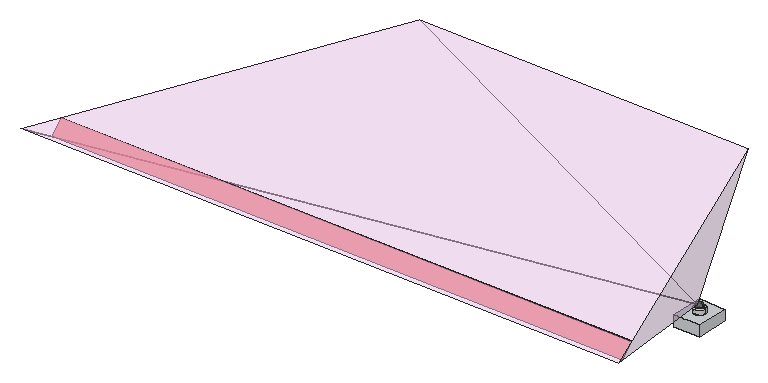
Revit family "Camera-Security-Panasonic-Super_Dynamic-H265_AI_Engine_Dome-Network-WV-S2136LSeriesX", category Security Devices, host Face, Revit 2019
Family settings
  Host = Face
  Maintain Annotation Orientation = No
  Round Connector Dimension = Use Diameter
  Part Type = Normal
  OmniClass Number = 23.85.10.14.11
  OmniClass Title = Cameras
  Cut with Voids When Loaded = No
  Shared = No
  Room Calculation Point = No
Parameters (values of type "WV-S2136L")
  z Zero = 0.000"  # constant formula
  z Yaw Actual [instance] = if(and(On Wall, not(On Ceiling)), Yaw Actual, Yaw Actual + 180.00°)  # 180.00°
  z VV Viewpoint Depth [instance] = (z VV Viewpoint Depth Max - z VV Viewpoint Depth Min) * z HFOV Ratio + z VV Viewpoint Depth Min  # 1.28346"
  z VV Viewpoint Depth Min = 1.28346"  # constant formula
  z VV Viewpoint Depth Max = 1.28346"  # constant formula
  z VV Origin Height Offset = 0.30315"  # constant formula
  z VV Origin Height [instance] = if(Has Ceiling Mount, 2.11811" + z VV Origin Height Offset - 2.00787", 2.11811" + z VV Origin Height Offset)  # 2.42126"
  z VV Face Radius = 4.62598"
  z Type = 2
  z Tilt Actual [instance] = Tilt Actual  # 45.00°
  z Pan Actual Safe [instance] = if(Pan Actual = -180.00°, 180.00°, Pan Actual)  # 0.00°
  z Pan Actual [instance] = Pan Actual  # 0.00°
  z Height [instance] = if(Has Ceiling Mount, 5.98425", 3.97638")  # 3.97638"
  z HFOV Ratio [instance] = (Horizontal FOV Actual - Horizontal FOV Min) / (Horizontal FOV Max - Horizontal FOV Min)  # 0.3038
  z Dome Radius [instance] = 1.5748"  # constant formula
  z Dome Material = Glass - Panasonic - Smoked
  z Dome Height Offset [instance] = if(Has Ceiling Mount, 0.19685", z Base Height + 0.28346")  # 2.40157"
  z Const Yaw Handle Length = 9.25197"  # constant formula
  z Const Yaw Base2 Length = 17.32283"  # constant formula
  z Const Yaw Base Length = 10.23622"  # constant formula
  z Const Tilt Handle Length = 11.81102"  # constant formula
  z Const Tilt Base2 Length = 19.68504"  # constant formula
  z Const Tilt Base Length = 9.84252"  # constant formula
  z Const Pan Handle Length = 19.48819"  # constant formula
  z Camera Type = 21362
  z Camera Resolution Type = 1
  z Base is Visible [instance] = not(Has Ceiling Mount)  # yes
  z Base Radius = (Diameter / 2)  # 2.54921"
  z Base Height = 2.11811"  # constant formula
  Yawing Range = "-100 to +100"  # constant formula
  Yaw Min = -100.00°  # constant formula
  Yaw Max = 100.00°  # constant formula
  Yaw Desired [instance] = 0.00°
  Yaw Actual [instance] = if(Yaw Desired > Yaw Max, Yaw Max, if(Yaw Desired < Yaw Min, Yaw Min, Yaw Desired))  # 0.00°
  Wide Dynamic Range = (1 = 1)  # yes
  Weight = 1.04 lbf  # constant formula
  Voltage [instance] = if(Power Supply Type is PoE, 48 V, 12 V)  # 48 V
  Vandal Resistant = (1 = 0)  # no
  VFOV Min 43 = 20.00°  # constant formula
  VFOV Min 169 = 20.00°  # constant formula
  Vertical FOV Min [instance] = if(and(Aspect Ratio 4_3, not(Aspect Ratio 16_9)), VFOV Min 43, VFOV Min 169)  # 20.00°
  VFOV Max 43 = 61.00°  # constant formula
  VFOV Max 169 = 61.00°  # constant formula
  Vertical FOV Max [instance] = if(and(Aspect Ratio 4_3, not(Aspect Ratio 16_9)), VFOV Max 43, VFOV Max 169)  # 61.00°
  Vertical FOV Actual [instance] = z HFOV Ratio * (Vertical FOV Max - Vertical FOV Min) + Vertical FOV Min  # 32.4557°
  URL = "http://security.panasonic.com/pss/security/"
  Tilting Range = "-30 to +85"  # constant formula
  Tilt Min = -30.00°  # constant formula
  Tilt Max = 85.00°  # constant formula
  Tilt Actual [instance] = if(Tilt Desired > Tilt Max, Tilt Max, if(Tilt Desired < Tilt Min, Tilt Min, Tilt Desired))  # 45.00°
  Tilt Desired [instance] = 45.00°
  Storage Temperature = Operational Temperature  # "-10 °C to +50 °C (14 °F to 122 °F)"
  Show View Volume [instance] = yes
  Resolution_HD [instance] = no
  Resolution_FullHD [instance] = yes
  Regulatory Compliance = "UL (UL60950-1), c-UL (CSA C22.2 No.60950-1), CE, IEC60950-1, FCC (Part15 ClassA), ICES003 ClassA, EN55032 ClassB, EN55035"  # constant formula
  Provide Feedback = "https://www.surveymonkey.com/s/95FL6QY"
  Product Page URL = "https://security.panasonic.com/products_technology/products/wv-s2136l/"
  Product Material = Paint - Panasonic -i-Pro White
  Product Documentation Link = "https://bizpartner.panasonic.net/public/ppr/product/11512?accordion_tab=96"
  Power Supply Type is PoE [instance] = yes
  Power Supply Type [instance] = if(Power Supply Type is PoE, "PoE", "DC")  # "PoE"
  Power Active [instance] = if(and(z Camera Type = 21361, Power Supply Type is PoE), 5.3 W, if(and(z Camera Type = 21361, not(Power Supply Type is PoE)), 4.9 W, if(and(z Camera Type = 21362, Power Supply Type is PoE), 8.7 W, if(and(z Camera Type = 21362, not(Power Supply Type is PoE)), 8.6 W, 0.0 W))))  # 8.7 W
  Part Number = Model  # "WV-S2136L"
  Part Description = Description  # "Security Camera, H.265 Fixed Dome, Network, Super Dynamic FullHD, AI Engine, WV-S2136L"
  Panning Range = "-240 to +120"  # constant formula
  Pan Min = -240.00°  # constant formula
  Pan Max = 120.00°  # constant formula
  Pan Desired [instance] = 0.00°
  Pan Actual [instance] = if(Pan Desired > Pan Max, Pan Max, if(Pan Desired < Pan Min, Pan Min, Pan Desired))  # 0.00°
  PPM Desired [instance] = 300
  PPM Actual [instance] = if(PPM Desired > 1, PPM Desired, 1)  # 300
  Original Creation Date = "2021/04/09"  # constant formula
  Operational Temperature = "-10 °C to +50 °C (14 °F to 122 °F)"  # constant formula
  Operational Humidity = "10 to 90 % (no condensation)"  # constant formula
  On Wall [instance] = no
  On Ceiling [instance] = yes
  Mounting Positions = "Surface Mount or Mount Dependent"  # constant formula
  Model Disclaimer = "Contact Panasonic for more information"  # constant formula
  Model = if(z Camera Type = 21361, "WV-S2136", "WV-S2136L")  # "WV-S2136L"
  Minimum Illumination = 0.007 lx  # constant formula
  Manufacturer = "Panasonic"  # constant formula
  Indoor Or Outdoor = "Indoor"  # constant formula
  IP Or Analog = "IP"  # constant formula
  Horizontal Resolution [instance] = if(and(Aspect Ratio 4_3, not(Aspect Ratio 16_9)), Horizontal Resolution 43, Horizontal Resolution 169)  # 1920
  Horizontal Resolution 43 [instance] = if(not(z Camera Resolution Type = 1), 1280, if(and(Resolution_HD, not(Resolution_FullHD)), 1280, 2048))  # 2048
  Horizontal Resolution 169 [instance] = if(not(z Camera Resolution Type = 1), 1280, if(and(Resolution_HD, not(Resolution_FullHD)), 1280, 1920))  # 1920
  Height = 3.97638"  # constant formula
  Has Ceiling Mount [instance] = no
  Has POE = (1 = 1)  # yes
  HFOV Min 43 = 28.00°  # constant formula
  HFOV Min 169 = 36.00°  # constant formula
  Horizontal FOV Min [instance] = if(and(Aspect Ratio 4_3, not(Aspect Ratio 16_9)), HFOV Min 43, HFOV Min 169)  # 36.00°
  HFOV Max 43 = 82.00°  # constant formula
  HFOV Max 169 = 115.00°  # constant formula
  Horizontal FOV Max [instance] = if(and(Aspect Ratio 4_3, not(Aspect Ratio 16_9)), HFOV Max 43, HFOV Max 169)  # 115.00°
  Horizontal FOV Actual [instance] = if(Horizontal FOV Desired > Horizontal FOV Max, Horizontal FOV Max, if(Horizontal FOV Desired < Horizontal FOV Min, Horizontal FOV Min, Horizontal FOV Desired))  # 60.00°
  Family Version = "1.0.0"  # constant formula
  Horizontal FOV Desired [instance] = 60.00°
  Equipment Number [instance] = ""
  Equipment Abbreviation = "SC"  # constant formula
  Dome Part Number [instance] = "WV-CF5SA"  # constant formula
  Distance to Screen [instance] = 393.70079"
  Distance to PPM Target [instance] = if(PPM Actual = 0, 0.000", 39.37008" * Horizontal Resolution / (PPM Actual * 2 * tan(Horizontal FOV Actual / 2)))  # 218.21113"
  Distance to Floor [instance] = 118.11024"
  Distance to Ceiling [instance] = 0.000"
  Diameter = 5.09843"  # constant formula
  Description = "Security Camera, H.265 Fixed Dome, Network, Super Dynamic FullHD, AI Engine, WV-S2136L"
  Default Elevation = 0.000"
  Day Or Night = "Yes"  # constant formula
  Date Last Modified = "2021/04/09"  # constant formula
  Copyright = "Copyright © Panasonic"  # constant formula
  Communication Ports = "10Base-T / 100Base-TX, RJ45 connector"  # constant formula
  Audio Out = "ø3.5 mm stereo mini jack (monaural output)"  # constant formula
  Audio In = "ø3.5 mm stereo mini jack"  # constant formula
  Angle Of View = "115"  # constant formula
  Alarm Input Or Output Specification = "ALARM IN 1 (Black & white input, Auto time adjustment input) (x1), ALARM IN 2 (ALARM OUT) (x1), ALARM IN 3 (AUX OUT) (x1)"  # constant formula
  Accessory Part Number [instance] = if(Has Ceiling Mount, "WV-QEM100-W", "Select a Mounting Option")  # "Select a Mounting Option"
  Aspect Ratio 4_3 [instance] = no
  Aspect Ratio 16_9 [instance] = yes
Types (2): name | z Camera Type | Product Page URL | Product Documentation Link | Power Active | Part Number | Part Description | Model | Description
  WV-S2136 | 21361 | "https://security.panasonic.com/products_technology/products/wv-s2136/" | "https://bizpartner.panasonic.net/public/ppr/product/11511?accordion_tab=96" | 5.3 W | "WV-S2136" | "Security Camera, H.265 Fixed Dome, Network, Super Dynamic FullHD, AI Engine, WV-S2136" | "WV-S2136" | "Security Camera, H.265 Fixed Dome, Network, Super Dynamic FullHD, AI Engine, WV-S2136"
  WV-S2136L | 21362 | "https://security.panasonic.com/products_technology/products/wv-s2136l/" | "https://bizpartner.panasonic.net/public/ppr/product/11512?accordion_tab=96" | 8.7 W | "WV-S2136L" | "Security Camera, H.265 Fixed Dome, Network, Super Dynamic FullHD, AI Engine, WV-S2136L" | "WV-S2136L" | "Security Camera, H.265 Fixed Dome, Network, Super Dynamic FullHD, AI Engine, WV-S2136L"
Reference planes (in)
  plane 1 "Center (Front/Back)": y = 0
  plane 2: z = 0
  plane 3 "Center (Left/Right)": x = 0
  plane 4: z = 0
  plane 5: x = -2.54921
  plane 6: x = -1.5748
  plane 7: z = 2.40157
  plane 8: z = 1.65354
  plane 9: z = 3.97638
  plane 10 "BP": z = 2.42126
  plane 11: z = 2.15748
  plane 12: z = 0.07874
  plane 13: z = 0
  plane 14: z = 3.97638
  plane 15: x = -1.92749
  plane 16: x = -2.44094
Forms (in)
  Extrusion 1, solid
    sketch origin (0, 0, 0) x (1, 0, 0) y (0, 1, 0)
      loop
        line (-5.65138, 6.85016) -> (-5.65138, -7.02141) -> (5.68581, -7.02141) -> (5.68581, 6.85016) -> (-5.65138, 6.85016)
    from 0 to -4.63827
  Revolve 2, solid, material "Paint - Panasonic -i-Pro White" <- "Product Material", visible <- "z Base is Visible"
    sketch origin (0, 0, 0) x (1, 0, 0) y (0, 0, 1)
      loop
        line (0, 0) -> (0, 2.15748) -> (-1.92749, 2.15748) -> (-2.44094, 1.65354) -> (-2.54701, 0.16785) -> (-2.45791, 0.07874) -> (-2.30134, 0.07874) -> (-2.2226, 0) -> (0, 0)
      axis (0, 2.15748) -> (0, 0)
    angle from 0 to 360
  Revolve 3, solid, material "Glass - Panasonic - Smoked" <- "z Dome Material"
    sketch origin (0, 0, 0) x (1, 0, 0) y (0, 0, 1)
      loop
        arc (0, 3.97638) -> (-1.11355, 3.51513) -> (-1.5748, 2.40157) r 1.5748
        line (-1.5748, 2.40157) -> (-1.5748, 2.15748) -> (0, 2.15748) -> (0, 3.97638)
      axis (0, 3.97638) -> (0, 2.15748)
    angle from 0 to 360
  Extrusion 4, void
    sketch origin (-4.56493, -180, 2.15748) x (0, -1, 0) y (-1, 0, 0)
      loop
        line (-180.19685, -6.59539) -> (-180.19685, -6.83161)
        arc (-180.19685, -6.83161) -> (-180.17379, -6.88729) -> (-180.11811, -6.91035) r 0.07874
        line (-180.11811, -6.91035) -> (-179.88189, -6.91035)
        arc (-179.88189, -6.91035) -> (-179.82621, -6.88729) -> (-179.80315, -6.83161) r 0.07874
        line (-179.80315, -6.83161) -> (-179.80315, -6.59539)
        arc (-179.80315, -6.59539) -> (-179.82621, -6.53971) -> (-179.88189, -6.51665) r 0.07874
        line (-179.88189, -6.51665) -> (-180.11811, -6.51665)
        arc (-180.11811, -6.51665) -> (-180.17379, -6.53971) -> (-180.19685, -6.59539) r 0.07874
      loop
        arc (-180.19685, -2.53448) -> (-180.17379, -2.59015) -> (-180.11811, -2.61322) r 0.07874
        line (-180.11811, -2.61322) -> (-179.88189, -2.61322)
        arc (-179.88189, -2.61322) -> (-179.82621, -2.59015) -> (-179.80315, -2.53448) r 0.07874
        line (-179.80315, -2.53448) -> (-179.80315, -2.29826)
        arc (-179.80315, -2.29826) -> (-179.82621, -2.24258) -> (-179.88189, -2.21952) r 0.07874
        line (-179.88189, -2.21952) -> (-180.11811, -2.21952)
        arc (-180.11811, -2.21952) -> (-180.17379, -2.24258) -> (-180.19685, -2.29826) r 0.07874
        line (-180.19685, -2.29826) -> (-180.19685, -2.53448)
    from 0 to 0.7874
Cuts and joins
  Extrusion 4 cuts Revolve 2
Lines and regions (in)
  reference lines
    curve 1: line (0, 0, 2.42154) -> (0, -9.84252, 2.42154)
    curve 2: line (0, 0, 2.42126) -> (8.07327, -8.07327, 2.42126)
Dimensions and locks (in)
  "z Base Radius": plane 3 "Center (Left/Right)" to plane 5
  locked: plane 7 to plane 8 at 0.74803
  "z Dome Radius": plane 3 "Center (Left/Right)" to plane 6
  plane 12 to level = 0.07874"
  Revolve 2 sketch curve to Revolve 2 sketch curve = 0.07874"
  "Height": plane 14 to plane 13
  plane 14 to plane 7 = 1.5748"
  locked: plane 14 to plane 11 at 1.8189
  locked: plane 14 to plane 8 at 2.32283
  locked: plane 3 "Center (Left/Right)" to plane 15 at 1.92749
  locked: plane 3 "Center (Left/Right)" to plane 16 at 2.44094
  "z Height": plane 9 to plane 13
  "z VV Origin Height": plane 10 "BP" to level
  radius of Revolve 3 sketch curve = 1.5748"
  angle curve 1 to plane 1 "Center (Front/Back)" = 90.00°
  "z Pan Actual Safe": angle plane 3 "Center (Left/Right)" to curve 1
  "z Tilt Actual": angle curve 2 to plane 1 "Center (Front/Back)"
  aligned and locked: plane 2 to Extrusion 1
  aligned and locked: level to Extrusion 1
  aligned and locked: Revolve 2 sketch curve to plane 3 "Center (Left/Right)"
  aligned and locked: plane 1 "Center (Front/Back)" to curve 1
  aligned and locked: plane 3 "Center (Left/Right)" to curve 1
  aligned and locked: plane 3 "Center (Left/Right)" to nested 1
  aligned and locked: plane 3 "Center (Left/Right)" to curve 2
  aligned and locked: plane 1 "Center (Front/Back)" to curve 2
  aligned and locked: Revolve 2 sketch curve to plane 11
  aligned and locked: plane 13 to Revolve 2 sketch curve
  aligned and locked: plane 15 to Revolve 2 sketch curve
  aligned and locked: plane 8 to Revolve 2 sketch curve
  aligned and locked: plane 10 "BP" to nested 2
  aligned and locked: nested 2 to plane 3 "Center (Left/Right)"
  aligned and locked: nested 2 to plane 1 "Center (Front/Back)"
Automatic sketch dimensions
  Extrusion 1 sketch curve to Extrusion 1 sketch curve = 11.33719"
  Extrusion 1 sketch curve to Extrusion 1 sketch curve = 13.87157"
  Revolve 3 sketch curve to plane 3 "Center (Left/Right)" = 0.000"  (x2)
  Revolve 3 sketch curve to plane 11 = 0.000"
  Revolve 3 sketch curve to plane 7 = 0.000"
  Revolve 3 sketch curve to Revolve 3 sketch curve = 0.82961"
  Revolve 3 sketch curve to Revolve 3 sketch curve = 0.250"
  Revolve 2 sketch curve to plane 16 = 0.000"
  Revolve 2 sketch curve to plane 3 "Center (Left/Right)" = 0.000"
  Revolve 2 sketch curve to plane 16 = 0.01696"
  Revolve 2 sketch curve to plane 5 = 0.0022"
  plane 16 to Revolve 2 sketch curve = 0.13961"
  Revolve 2 sketch curve to Revolve 2 sketch curve = 0.07874"
  Revolve 2 sketch curve to Revolve 2 sketch curve = 0.08911"
  plane 8 to Revolve 2 sketch curve = 0.11875"
  Revolve 2 sketch curve to plane 10 "BP" = 0.23031"
  Extrusion 4 sketch curve to plane 1 "Center (Front/Back)" = 0.19685"  (x2)
  Extrusion 4 sketch curve to Extrusion 4 sketch curve = 0.07874"  (x6)
  Extrusion 4 sketch curve to plane 15 = 0.02423"
  plane 1 "Center (Front/Back)" to Extrusion 4 sketch curve = 0.11811"  (x4)
  plane 16 to Extrusion 4 sketch curve = 0.17427"
  plane 3 "Center (Left/Right)" to Extrusion 4 sketch curve = 1.95172"
  Extrusion 4 sketch curve to Extrusion 4 sketch curve = 0.23622"
Nested families (in)
  nested 1: "Mount - Camera-Security-Panasonic-Fixed_Dome-Network" at (0, 0, 0), Product Material <- "Product Material", Has Ceiling Mount <- "Has Ceiling Mount", type "Mount"
    with z Bracket Radius 3.66142", Product Material Paint - Panasonic -i-Pro White, Has Ceiling Mount no, Dome Radius 3.77953"
  nested 2: "Camera-Security-Panasonic-ViewVolumePTYZ" at (0, 0, 2.42126), Viewpoint Depth <- "z VV Viewpoint Depth", Base Height Offset <- "z VV Origin Height", Pan <- "z Pan Actual", Tilt <- "z Tilt Actual", Yaw <- "z Yaw Actual", HFOV <- "Horizontal FOV Actual", VFOV <- "Vertical FOV Actual", On Wall <- "On Wall", On Ceiling <- "On Ceiling", Screen Depth <- "Distance to Screen", Floor Distance <- "Distance to Floor", Ceiling Distance <- "Distance to Ceiling", Target Depth <- "Distance to PPM Target", visible <- "Show View Volume", type "Camera-Security-Panasonic-ViewVolumePTYZ"
    with z Yaw Actual 180.00°, z Void Width 1249.41753", z Void Thickness 397.40551", z Void Height Start -624.70877", z Void Height End 624.70877", z Void Direction 0, z Void Angle 0.00°, z Viewpoint Depth 1.28346", z Tilt Actual 45.00°, z Target Width 251.9685", z Target Visible yes, z Target Height 127.02244", z Target Depth 219.49459", z Screen Width 454.60651", z Screen Height 229.17638", z Screen Depth 394.98425", z Pan Actual 0.00°, z Floor Distance 118.11024", z Ceiling Distance 0.000", Yaw 180.00°, Viewpoint Origin Horizontal Offset 0.000", Viewpoint Depth 1.28346", VFOV 32.4557°, Tilt 45.00°, Target Depth 218.21113", Screen Depth 393.70079", Pan 0.00°, On Wall no, On Floor no, On Default Mount Type 0, On Ceiling yes, HFOV 60.00°, Floor Distance 118.11024", Ceiling Distance 0.000", Base Height Offset 2.42126", Base Angle Offset 0.00°
Connectors (in)
  electrical at (0, 0, 0), driven by "Power Active", driven by "Voltage"
    settings: on Revolve 2, index 1, voltage 48 V, apparent load 8.7 W, apparent load phase1 0.0 W, apparent load phase2 0.0 W, apparent load phase3 0.0 W, power factor 1, load classification "Other", number of poles 1, system type 30, power factor state 1, is connector primary yes, connector utility no, sub classification motor no, connector description "Electrical Connection"
  electrical at (0, 0, 0)
    settings: on Revolve 2, index 2, voltage 0 V, apparent load 0.0 W, apparent load phase1 0.0 W, apparent load phase2 0.0 W, apparent load phase3 0.0 W, power factor 1, load classification "Other", number of poles 1, system type 5, power factor state 1, is connector primary no, connector utility no, sub classification motor no, connector description "Data Connection"
Definition of nested family "Camera-Security-Panasonic-ViewVolumePTYZ"
  Parameters
    Default Elevation = 48.000"
    z Yaw Actual [instance] = if(Yaw < 0.00°, 360.00° - (abs(Yaw) - rounddown(abs(Yaw) / 360.00°) * 360.00°), Yaw - rounddown(Yaw / 360.00°) * 360.00°)  # 0.00°
    z Void Width [instance] = if(z Screen Width > z Screen Height, z Screen Width, z Screen Height) + abs(Viewpoint Origin Horizontal Offset) + z Void Thickness * 2  # 1265.63013"
    z Void Thickness [instance] = z Screen Depth + abs(Base Height Offset)  # 405.51181"
    z Void Height Start [instance] = -z Void Width / 2  # -632.81507"
    z Void Height End [instance] = z Void Width / 2  # 632.81507"
    z Void Direction [instance] = if((if(On Wall, 1, 0) + if(On Floor, 1, 0) + if(On Ceiling, 1, 0)) = 1, if(On Ceiling, 0, if(On Wall, 1, 2)), On Default Mount Type)  # 0
    z Viewpoint Depth [instance] = if(Viewpoint Depth < 0.03937", 0.03937", Viewpoint Depth)  # 5.90551"
    z Tilt Actual [instance] = if(Tilt < 0.00°, 360.00° - (abs(Tilt) - rounddown(abs(Tilt) / 360.00°) * 360.00°), Tilt - rounddown(Tilt / 360.00°) * 360.00°)  # 45.00°
    z Target Visible [instance] = not(Screen Depth < Target Depth)  # yes
    z Target Thickness Start = -z Target Thickness / 2  # -0.03937"
    z Target Thickness End = z Target Thickness / 2  # 0.03937"
    z Target Depth [instance] = Target Depth + Viewpoint Depth  # 84.64567"
    z Pan Actual [instance] = if(Pan < 0.00°, 360.00° - (abs(Pan) - rounddown(abs(Pan) / 360.00°) * 360.00°), Pan - rounddown(Pan / 360.00°) * 360.00°)  # 0.00°
    z Floor Distance [instance] = if(z Void Direction = 2, if(Floor Distance < 0.000", 0.000", Floor Distance), if(Floor Distance < 0.3937", 0.3937", Floor Distance))  # 118.11024"
    z Const Yaw Base2 Length = 17.32283"  # constant formula
    z Const Tilt Base2 Length = 19.68504"  # constant formula
    z Ceiling Distance [instance] = if(z Void Direction = 2, if(Ceiling Distance < 0.3937", 0.3937", Ceiling Distance), if(Ceiling Distance < 0.000", 0.000", Ceiling Distance))  # 0.000"
    z Const Void Handle Length = 23.62205"  # constant formula
    z Void Angle [instance] = if(z Void Direction = 0, 0.00° + Base Angle Offset, if(z Void Direction = 1, 90.00° + Base Angle Offset, 180.00° + Base Angle Offset))  # 0.00°
    z Screen Depth [instance] = if(Screen Depth < 3.93701", 3.93701" + Viewpoint Depth, Screen Depth + Viewpoint Depth)  # 399.6063"
    Original Creation Date = "September, 15, 2016"  # constant formula
    On Default Mount Type [instance] = 0
    Manufacturer = "Panasonic"  # constant formula
    Family Version = "1.0.0"  # constant formula
    Date Last Modified = "September, 15, 2016"  # constant formula
    Copyright = "Copyright © Panasonic"  # constant formula
    Base Height Offset [instance] = 5.90551"
    Base Angle Offset [instance] = 0.00°
    z Viewpoint Width = 0.03937"  # constant formula
    z Viewpoint Height = 0.03937"  # constant formula
    VFOV [instance] = 33.75°
    z Target Width [instance] = Target Depth * tan(HFOV / 2) * 2  # 90.9213"
    z Target Thickness = 0.07874"  # constant formula
    z Target Height [instance] = Target Depth * tan(VFOV / 2) * 2  # 47.77113"
    Target Depth [instance] = 78.74016"
    z Screen Width [instance] = (z Screen Depth - Viewpoint Depth) * tan(HFOV / 2) * 2  # 454.60651"
    z Screen Height [instance] = (z Screen Depth - Viewpoint Depth) * tan(VFOV / 2) * 2  # 238.85566"
    Screen Depth [instance] = 393.70079"
    z Const Yaw Handle Length = 9.25197"  # constant formula
    z Const Yaw Base Length = 10.23622"  # constant formula
    Viewpoint Depth [instance] = 5.90551"
    Viewpoint Origin Horizontal Offset [instance] = 0.000"
    z Const Tilt Handle Length = 14.17323"  # constant formula
    z Const Tilt Base Length = 9.84252"  # constant formula
    z Const Pan Handle Length = 19.68504"  # constant formula
    z Const Pan Axis Length = 15.74803"  # constant formula
    On Wall [instance] = no
    On Floor [instance] = no
    On Ceiling [instance] = yes
    HFOV [instance] = 60.00°
    Yaw [instance] = 0.00°
    Tilt [instance] = 45.00°
    Pan [instance] = 0.00°
    Floor Distance [instance] = 118.11024"
    Ceiling Distance [instance] = 0.000"
  Reference planes (in)
    plane 1 "Center (Front/Back)": y = 0
    plane 2: z = 0
    plane 3 "Center (Left/Right)": x = 0
    plane 4 "VoidOffsetBase": z = -5.90551
  Forms (in)
    Extrusion 1, void
      sketch origin (0, 0, -5.90551) x (0, 0, 1) y (0, -1, 0)
        loop
          line (523.62205, 632.81507) -> (118.11024, 632.81507) -> (118.11024, -632.81507) -> (523.62205, -632.81507) -> (523.62205, 632.81507)
        loop
          line (0, 632.81507) -> (-405.51181, 632.81507) -> (-405.51181, -632.81507) -> (0, -632.81507) -> (0, 632.81507)
      from -632.81507 <- "z Void Height Start" to 632.81507 <- "z Void Height End"
    Blend 2, solid
      base sketch origin (0, -4.17583, 4.17583) x (0, 0.707107, 0.707107) y (-1, 0, 0)
        loop
          line (-0.01969, -0.01969) -> (0.01969, -0.01969) -> (0.01969, 0.01969) -> (-0.01969, 0.01969) -> (-0.01969, -0.01969)
      top sketch origin (0, -282.56432, 282.56432) x (0, 0.707107, 0.707107) y (-1, 0, 0)
        loop
          line (-119.42783, -227.30326) -> (119.42783, -227.30326) -> (119.42783, 227.30326) -> (-119.42783, 227.30326) -> (-119.42783, -227.30326)
      from 0 to 0
    Extrusion 3, solid, visible <- "z Target Visible"
      sketch origin (0, -59.85353, 59.85353) x (0, 0.707107, 0.707107) y (-1, 0, 0)
        loop
          line (-23.88557, -45.46065) -> (23.88557, -45.46065) -> (23.88557, 45.46065) -> (-23.88557, 45.46065) -> (-23.88557, -45.46065)
      from -0.03937 <- "z Target Thickness Start" to 0.03937 <- "z Target Thickness End"
  Cuts and joins
    Extrusion 1 cuts Blend 2
    Extrusion 1 cuts Extrusion 3
  Lines and regions (in)
    reference lines
      curve 1: line (0, 0, 0) -> (19.68504, 0, 0)
      curve 2: line (0, 0, -15.74803) -> (0, 0, 0)
      curve 3: line (0, 0, 0) -> (0, -9.84252, 0)
      curve 4: line (0, 0, 0) -> (0, 0, 19.68504)
      curve 5: line (0, -10.02199, 10.02199) -> (0, 0, 0)
      curve 6: line (0, 0, 0) -> (0, 7.2381, 7.2381)
      curve 7: line (0, 0, 0) -> (-17.32283, 0, 0)
      curve 8: line (0, 0, 0) -> (-9.25197, 0, 0)
      curve 9: line (0, -4.17583, 4.17583) -> (0, 0, 0)
      curve 10: line (0, 0, 0) -> (0, -59.85353, 59.85353)
      curve 11: line (0, 0, 0) -> (0, -282.56432, 282.56432)
      curve 12: line (-0.01969, -4.16191, 4.18975) -> (0.01969, -4.16191, 4.18975)
      curve 13: line (-0.01969, -4.18975, 4.16191) -> (0.01969, -4.18975, 4.16191)
      curve 14: line (-0.01969, -4.16191, 4.18975) -> (-0.01969, -4.18975, 4.16191)
      curve 15: line (0.01969, -4.16191, 4.18975) -> (0.01969, -4.18975, 4.16191)
      curve 16: line (-45.46065, -42.96388, 76.74317) -> (45.46065, -42.96388, 76.74317)
      curve 17: line (-45.46065, -76.74317, 42.96388) -> (45.46065, -76.74317, 42.96388)
      curve 18: line (-45.46065, -42.96388, 76.74317) -> (-45.46065, -76.74317, 42.96388)
      curve 19: line (45.46065, -42.96388, 76.74317) -> (45.46065, -76.74317, 42.96388)
      curve 20: line (-227.30326, -198.1161, 367.01255) -> (-227.30326, -367.01255, 198.1161)
      curve 21: line (227.30326, -198.1161, 367.01255) -> (227.30326, -367.01255, 198.1161)
      curve 22: line (-227.30326, -198.1161, 367.01255) -> (227.30326, -198.1161, 367.01255)
      curve 23: line (-227.30326, -367.01255, 198.1161) -> (227.30326, -367.01255, 198.1161)
      curve 24: line (0, 0, -5.90551) -> (0, 0, 17.71654)
      curve 25: line (0, -632.81507, 517.71654) -> (0, 632.81507, 517.71654)
      curve 26: line (0, -632.81507, 112.20472) -> (0, -632.81507, 517.71654)
      curve 27: line (0, 632.81507, 112.20472) -> (0, -632.81507, 112.20472)
      curve 28: line (0, 632.81507, 517.71654) -> (0, 632.81507, 112.20472)
      curve 29: line (0, -632.81507, -5.90551) -> (0, 632.81507, -5.90551)
      curve 30: line (0, -632.81507, -411.41732) -> (0, -632.81507, -5.90551)
      curve 31: line (0, 632.81507, -411.41732) -> (0, -632.81507, -411.41732)
      curve 32: line (0, 632.81507, -5.90551) -> (0, 632.81507, -411.41732)
  Dimensions and locks (in)
    "z Const Pan Handle Length": curve 1 to curve 1
    "z Const Pan Axis Length": curve 2 to curve 2
    "z Const Tilt Base Length": curve 3 to curve 3
    "z Const Pan Axis Length": curve 1 to curve 2
    "Viewpoint Origin Horizontal Offset": curve 4 to curve 2
    "z Const Tilt Base2 Length": curve 4 to curve 4
    "z Const Tilt Handle Length": curve 5 to curve 5
    "z Const Yaw Base Length": curve 6 to curve 6
    "z Const Yaw Base2 Length": curve 7 to curve 7
    "z Const Yaw Handle Length": curve 8 to curve 8
    "z Viewpoint Depth": curve 9 to curve 9
    "z Target Depth": curve 10 to curve 10
    "z Screen Depth": curve 11 to curve 11
    equal spacing: curve 13, curve 9, curve 12
    "z Viewpoint Height": curve 13 to curve 12
    equal spacing: curve 14, curve 9, curve 15
    "z Viewpoint Width": curve 14 to curve 15
    equal spacing: curve 17, curve 10, curve 16
    "z Target Height": curve 17 to curve 16
    equal spacing: curve 18, curve 10, curve 19
    "z Target Width": curve 18 to curve 19
    equal spacing: curve 20, curve 11, curve 21
    "z Screen Width": curve 20 to curve 21
    equal spacing: curve 23, curve 11, curve 22
    "z Screen Height": curve 23 to curve 22
    "z Const Void Handle Length": curve 24 to curve 24
    equal spacing: curve 26, curve 24, curve 28
    "z Void Width": curve 26 to curve 28
    "z Floor Distance": curve 27 to curve 24
    "z Ceiling Distance": curve 29 to curve 24
    "z Void Thickness": curve 31 to curve 29
    "z Void Thickness": curve 25 to curve 27
    "Base Height Offset": level to plane 4 "VoidOffsetBase"
    locked: curve 3 to curve 2 (angle 90.00°)
    locked: curve 3 to curve 4 (angle 90.00°)
    "z Tilt Actual": angle curve 4 to curve 5
    locked: curve 6 to curve 7 (angle 90.00°)
    locked: curve 6 to curve 5 (angle 90.00°)
    locked: curve 9 to curve 5 (angle 0.00°)
    locked: curve 10 to curve 5 (angle 0.00°)
    locked: curve 11 to curve 5 (angle 0.00°)
    "z Void Angle": angle plane 1 "Center (Front/Back)" to curve 24
    "z Yaw Actual": angle curve 7 to curve 8
    "z Pan Actual": angle plane 1 "Center (Front/Back)" to curve 1
    aligned and locked: level to plane 2
    aligned and locked: curve 2 to curve 1
    aligned and locked: curve 2 to curve 3
    aligned and locked: curve 3 to curve 2
    aligned and locked: curve 3 to curve 5
    aligned and locked: curve 6 to curve 7
    aligned and locked: curve 6 to curve 8
    aligned and locked: curve 8 to curve 7
    aligned and locked: curve 7 to curve 6
    aligned and locked: curve 5 to curve 11
    aligned and locked: curve 11 to curve 8
    aligned and locked: curve 12 to curve 15
    aligned and locked: curve 15 to curve 15
    aligned and locked: curve 14 to curve 14
    aligned and locked: curve 13 to curve 15
    aligned and locked: curve 16 to curve 19
    aligned and locked: curve 18 to curve 18
    aligned and locked: curve 17 to curve 19
    aligned and locked: curve 22 to curve 22
    aligned and locked: curve 21 to curve 23
    aligned and locked: curve 20 to curve 23
    aligned and locked: curve 23 to curve 23
    aligned and locked: plane 1 "Center (Front/Back)" to curve 24
    aligned and locked: curve 30 to curve 26
    aligned and locked: curve 28 to curve 32
    aligned and locked: Extrusion 1 sketch curve to curve 25
    aligned and locked: Extrusion 1 sketch curve to curve 26
    aligned and locked: Extrusion 1 sketch curve to curve 27
    aligned and locked: Extrusion 1 sketch curve to curve 28
    aligned and locked: Extrusion 1 sketch curve to curve 29
    aligned and locked: Extrusion 1 sketch curve to curve 30
    aligned and locked: Extrusion 1 sketch curve to curve 31
    aligned and locked: Extrusion 1 sketch curve to curve 32
    aligned and locked: Extrusion 1 sketch curve to Extrusion 1 sketch curve  (x8)
    aligned and locked: Blend 2 sketch curve to curve 15
    aligned and locked: Blend 2 sketch curve to curve 13
    aligned and locked: Blend 2 sketch curve to curve 14
    aligned and locked: Blend 2 sketch curve to curve 12
    aligned and locked: Blend 2 sketch curve to Blend 2 sketch curve  (x8)
    aligned and locked: Blend 2 sketch curve to curve 21
    aligned and locked: Blend 2 sketch curve to curve 23
    aligned and locked: Blend 2 sketch curve to curve 20
    aligned and locked: Blend 2 sketch curve to curve 22
    aligned and locked: Extrusion 3 sketch curve to curve 19
    aligned and locked: Extrusion 3 sketch curve to curve 17
    aligned and locked: Extrusion 3 sketch curve to curve 18
    aligned and locked: Extrusion 3 sketch curve to curve 16
    aligned and locked: Extrusion 3 sketch curve to Extrusion 3 sketch curve  (x4)
    aligned and locked: plane 3 "Center (Left/Right)" to curve 1
    aligned and locked: plane 1 "Center (Front/Back)" to curve 1
    aligned and locked: level to curve 2
    aligned and locked: plane 4 "VoidOffsetBase" to curve 24
  Automatic sketch dimensions
    curve 6 to curve 5 = 0.000"
    curve 6 to curve 5 = 10.23622"
Definition of nested family "Mount - Camera-Security-Panasonic-Fixed_Dome-Network"
  Parameters (values of type "Mount")
    z Bracket Radius [instance] = 3.66142"  # constant formula
    URL = "http://panasonic.net"
    Product Material [instance] = none
    Part Number = Model  # "WV-Q174B"
    Model = "WV-Q174B"
    Manufacturer = "Panasonic"
    Keynote = ""
    Has Ceiling Mount [instance] = yes
    Dome Radius [instance] = 1.77165"
    Default Elevation = 0.000"
    Assembly Code = ""
  Reference planes (in)
    plane 1 "Center (Front/Back)": y = 0
    plane 2: z = 0
    plane 3 "Center (Left/Right)": x = 0
    plane 4: z = 0.295
    plane 5: z = 0.12598
    plane 6: x = -3.66142
    plane 7: z = 0
    plane 8: x = -1.5748
    plane 9: z = 0.29528
  Forms (in)
    Extrusion 1, solid
      sketch origin (0, 0, 0) x (1, 0, 0) y (0, 1, 0)
        loop
          line (-48, 48) -> (-48, -48) -> (48, -48) -> (48, 48) -> (-48, 48)
      from 0 to -12
    Revolve 2, solid, visible <- "Has Ceiling Mount"
      sketch origin (0, 0, 0) x (1, 0, 0) y (0, 0, 1)
        loop
          line (-3.66142, 0.12598) -> (-3.66142, 0) -> (-1.5748, 0) -> (-1.5748, 0.295) -> (-3.66142, 0.12598)
        axis (0, 0.295) -> (0, 0)
      angle from 0 to 360
  Lines and regions (in)
    Masking region 1
      outline origin (0, 0, 0) x (1, 0, 0) y (0, 1, 0)
        loop
          circle (0, 0) r 3.66142
  Dimensions and locks (in)
    locked: plane 5 to plane 7 at 0.12598
    locked: plane 6 to plane 8 at 2.08661
    locked: plane 9 to level at 0.29528
    locked: plane 3 "Center (Left/Right)" to plane 6 at 3.66142
    "z Bracket Radius": radius of Masking region 1 sketch curve
    aligned and locked: plane 2 to Extrusion 1
    aligned and locked: level to Extrusion 1
    aligned and locked: Revolve 2 sketch curve to level
    aligned and locked: plane 6 to Revolve 2 sketch curve
  Automatic sketch dimensions
    Extrusion 1 sketch curve to Extrusion 1 sketch curve = 96.000"  (x2)
    plane 1 "Center (Front/Back)" to Masking region 1 sketch curve = 0.000"
    Masking region 1 sketch curve to plane 3 "Center (Left/Right)" = 0.000"
    Revolve 2 sketch curve to plane 4 = 0.000"
    Revolve 2 sketch curve to plane 8 = 0.000"
    Revolve 2 sketch curve to plane 3 "Center (Left/Right)" = 0.000"
    Revolve 2 sketch curve to plane 5 = 0.000"
    Revolve 2 sketch curve to level = 0.25803"
    plane 9 to Revolve 2 sketch curve = 0.4011"
